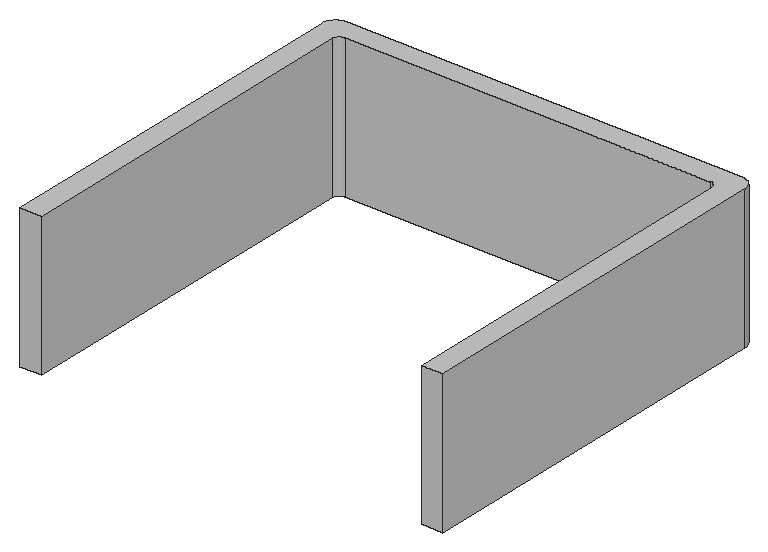
Revit family "S4R_OBO BETTERMANN_CableTray_Vertical_Bracket", category Cable Tray Fittings, Revit 2012
Parameters (values of type "BF 140 10 FT")
  Wholesaler art.no. = ""
  Wholesaler = ""
  Watermarked By = "www.stabiplan.com"
  WIDTH1 = 110.00 mm
  WIDTH = WIDTH1  # 110 mm
  VERSION = "91900"  # constant formula
  URL = "www.stabiplan.com"
  Tray Height [instance] = 100.00 mm
  built-in parameter 1140111 [instance] = 6.00 mm  # constant formula
  TYPE = if(and(WIDTH = 110.00 mm, HEIGHT = 119.00 mm), "BF 140 10 FT ", "Unknown")  # "BF 140 10 FT "
  StabiCAD_PM = ""
  PRODUCTLINE = "OBO BETTERMANN CableTrays"  # constant formula
  Model = ""
  Manufacturer = "OBO BETTERMANN"  # constant formula
  Internal art.no. = ""
  ISCUSTOM [instance] = if(and(WIDTH = 110.00 mm, HEIGHT = 119.00 mm), 1 = 0, 1 = 1)  # no
  IFCExportType = ""
  IFCExportAs = ""
  Half Tray Height [instance] = Tray Height / 2  # 50.00 mm
  HEIGHT1 = 119.00 mm
  HEIGHT = HEIGHT1  # 119 mm
  GTINNUMBER = if(and(WIDTH = 110.00 mm, HEIGHT = 119.00 mm), "4012196295876 ", "Unknown")  # "4012196295876 "
  ETIM article class = ""
  Description = "Cable Tray Vertical Bracket"
  Depth = 40.00 mm  # constant formula
  DEEPLINK = "http://catalog1.obo-bettermann.com/catalogue/catalogue.do?forward=showProductGroup&act=showIO&favOid=kts_4741&action=showManyProducts&lang=de&OID=kts_4741&catId="
  Copyright = "© Stabiplan BV / Stabiplan International BV"  # constant formula
  BodyColor = Steel
  ARTICLENUMBER = if(and(WIDTH = 110.00 mm, HEIGHT = 119.00 mm), "6356362", "Unknown")  # "6356362"
  ARTICLEDESCRIPTION = "Cable Tray Vertical Bracket"
Reference planes
  plane 1 "Center (Front/Back)": y = 0
  plane 2: z = 0
  plane 3 "Center (Left/Right)": x = 0
  plane 4: z = 40
  plane 5: y = 56
  plane 6: y = -54
  plane 7: x = -59.5
  plane 8: x = 59.5
  plane 9: x = -53.5
  plane 10: x = 53.5
  plane 11: y = 50
  plane 12: y = 53
  plane 13: x = -56.5
  plane 14: x = 56.5
Forms (mm)
  Extrusion 1, solid, material "Steel" <- "BodyColor"
    sketch origin (0, 0, 0) x (1, 0, 0) y (0, 1, 0)
      loop
        line (-53.5, -54) -> (-53.5, 48)
        arc (-53.5, 48) -> (-52.914, 49.414) -> (-51.5, 50) r 2
        line (-51.5, 50) -> (51.5, 50)
        arc (51.5, 50) -> (52.914, 49.414) -> (53.5, 48) r 2
        line (53.5, 48) -> (53.5, -54) -> (59.5, -54) -> (59.5, 52)
        arc (59.5, 52) -> (58.328, 54.828) -> (55.5, 56) r 4
        line (55.5, 56) -> (-55.5, 56)
        arc (-55.5, 56) -> (-58.328, 54.828) -> (-59.5, 52) r 4
        line (-59.5, 52) -> (-59.5, -54) -> (-53.5, -54)
    from 0 to 40
Lines and regions (mm)
  model lines
    curve 1: line (-56.5, -54, 0) -> (-56.5, 53, 0)
    curve 2: line (-56.5, 53, 0) -> (56.5, 53, 0)
    curve 3: line (56.5, 53, 0) -> (56.5, -54, 0)
Dimensions and locks
  "Depth": plane 4 to level
  "WIDTH": plane 5 to plane 6
  "HEIGHT": plane 7 to plane 8
  "built-in parameter 1140111": plane 7 to plane 9
  "built-in parameter 1140111": plane 10 to plane 8
  "built-in parameter 1140111": plane 5 to plane 11
  equal spacing: plane 5, plane 12, plane 11
  equal spacing: plane 7, plane 13, plane 9
  equal spacing: plane 10, plane 14, plane 8
  "Half Tray Height": plane 11 to plane 1 "Center (Front/Back)"
  radius of Extrusion 1 sketch curve = 2.00 mm  (x2)
  radius of Extrusion 1 sketch curve = 4.00 mm  (x2)
  aligned and locked: level to plane 2
  aligned and locked: Extrusion 1 to level
  aligned and locked: plane 4 to Extrusion 1
Automatic sketch dimensions
  curve 1 to plane 13 = 0.00 mm
  curve 3 to plane 12 = 0.00 mm
  curve 2 to plane 14 = 0.00 mm
  plane 6 to curve 3 = 0.00 mm
  plane 6 to curve 1 = 0.00 mm
  plane 6 to Extrusion 1 sketch curve = 0.00 mm  (x2)
  Extrusion 1 sketch curve to plane 7 = 0.00 mm
  Extrusion 1 sketch curve to plane 9 = 0.00 mm
  Extrusion 1 sketch curve to plane 11 = 0.00 mm
  Extrusion 1 sketch curve to plane 10 = 0.00 mm
  Extrusion 1 sketch curve to plane 5 = 0.00 mm
  Extrusion 1 sketch curve to plane 8 = 0.00 mm
